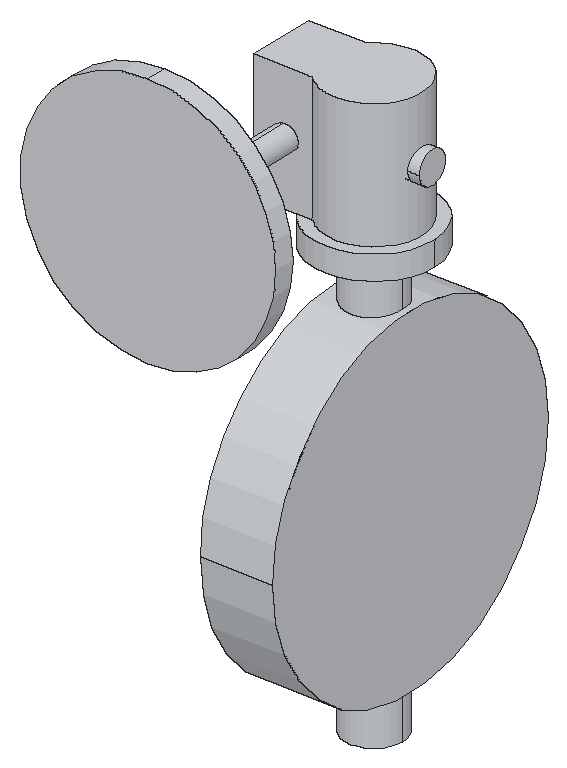
Revit family "HS497-67_disk-litina-převodové kolo DN450-RFA_2019", category Pipe Accessories, Revit 2019
Family settings
  Round Connector Dimension = Use Diameter
  Part Type = Valve - Breaks Into
  Work Plane-Based = No
  Always vertical = Yes
  Cut with Voids When Loaded = No
  Shared = No
Parameters (values of type "HS 497-67_DN450_PN10_převodové kolo")
  magiProductId = "cdf2d80f54a9414f9cbe50647c0ebd"
  magiProductFamilyId = "53cea81e6f374d17b8841d9c72ad77"
  magiPartTypeId = 305
  isMeasuringValve [instance] = no
  ang2D [instance] = 0.00°
  X11 = 129.74 mm
  X1 = 53.74 mm
  W2D = 1000 mm
  VersionID = "2.0/2017.9.26.1/ZETKAMA_497_001"
  Use Minimum Symbol Size [instance] = yes
  URL = "http://www.hydronic.cz"
  Type Comments = "mezipřírubová; litinový disk; PN10; -10~+110°C (krátkodobě +120°C)"
  SW30 = yes
  SW3 = yes
  SW21 = no
  SW20 = no
  SW2 = no
  SW1 = no
  R = 225 mm
  QmdConnectorList = "301;D;302;D"
  Productdata [instance] = ""
  NC = 91.5 mm
  Model = ""
  Manufacturer = "Hydronic Systems Prague s.r.o."
  MM20 = 53.74 mm
  MC Product Code = "125 450 (litinový disk, s převodovým kolem; DN450; PN10, kvs18514)"
  M41 = 144.75 mm
  M4 = 96.5 mm
  LHL = 220 mm
  LHH3 = 2.45 mm
  LHH1 = 46.55 mm
  LH1 = 73.333 mm
  L4R__ve = -L4R  # -32.1 mm
  L4R = 32.1 mm
  L42__ve = -L42  # -240.75 mm
  L42 = 240.75 mm
  L41__ve = -L41  # -48.15 mm
  L41 = 48.15 mm
  L2D_Min = 3048 mm
  L2D = 216 mm
  L2 = 57 mm
  L1 = 91.2 mm
  L = 114 mm
  H = 38 mm
  G22 = 11.25 mm
  G2 = 22.5 mm
  G1 = 90 mm
  G = 190 mm
  F = 36 mm
  E44 = 100 mm
  E42 = 200 mm
  E4 = 400 mm
  E23 = 4.9 mm
  E22 = 19.6 mm
  E21 = 9.8 mm
  Description = "Mezipřírubová uzavírací klapka s převodovým kolem; litinový disk, DN450; PN10; kvs18514"
  DR2 = 225 mm
  DR = 536 mm
  DD1 = 50 mm
  DD = 40 mm
  D = 450 mm
  CAT0 = yes
  B2__ve = -B2  # -115 mm
  B2 = 115 mm
  A2 = 38.05 mm
  A1 = 117.45 mm
Types (43, lengths in mm): name | magiProductId | X11 | X1 | Type Comments | SW30 | SW3 | SW20 | SW2 | SW1 | R | NC | MM20 | MC Product Code | M41 | M4 | LHL | LHH3 | LHH1 | LH1 | L4R__ve | L4R | L42__ve | L42 | L41__ve | L41 | L2 | L1 | L | H | G | F | E44 | E42 | E4 | E23 | E22 | E21 | Description | DR2 | DR | DD1 | DD | D | B2__ve | B2 | A2 | A1
  HS 497-67_DN100_PN16_volné vřeteno | "65d1b245f4f142c78569c0602d5754" | 61.456 | 25.456 | "mezipřírubová; litinový disk; PN16; -10~+110°C (krátkodobě +120°C)" | no | no | no | no | yes | 50 | 50 | 25.456 | "123 100 (litinový disk, s volným vřetenem; DN100; PN16, kvs512)" | 66 | 44 | 220 | 2.45 | 46.55 | 73.333 | -12.8 | 12.8 | -96 | 96 | -19.2 | 19.2 | 26 | 41.6 | 52 | 30 | 90 | 11 | 31.25 | 62.5 | 125 | 4.9 | 19.6 | 9.8 | "Mezipřírubová uzavírací klapka s volným vřetenem; litinový disk, DN100; PN16; kvs512" | 50 | 147 | 15.625 | 12.5 | 100 | -56 | 56 | 16.5 | 98.5
  HS 497-67_DN100_PN16_převodové kolo | "11e91b807e674d428c8e796fcdcfe2" | 61.456 | 25.456 | "mezipřírubová; litinový disk; PN16; -10~+110°C (krátkodobě +120°C)" | yes | yes | no | no | no | 50 | 50 | 25.456 | "125 100 (litinový disk, s převodovým kolem; DN100; PN16, kvs512)" | 65.25 | 43.5 | 220 | 2.45 | 46.55 | 73.333 | -12.8 | 12.8 | -96 | 96 | -19.2 | 19.2 | 26 | 41.6 | 52 | 30 | 90 | 11 | 31.25 | 62.5 | 125 | 4.9 | 19.6 | 9.8 | "Mezipřírubová uzavírací klapka s převodovým kolem; litinový disk, DN100; PN16; kvs512" | 50 | 147 | 15.625 | 12.5 | 100 | -56 | 56 | 16.5 | 98.5
  HS 497-67_DN100_PN16_s pákou | "28172f0b3f4b47b28323ac71cf8749" | 61.456 | 25.456 | "mezipřírubová; litinový disk; PN16; -10~+110°C (krátkodobě +120°C)" | no | no | yes | yes | no | 50 | 50 | 25.456 | "120 100 (litinový disk, s pákou; DN100; PN16, kvs512)" | 66 | 44 | 260 | 3 | 57 | 86.667 | -12.8 | 12.8 | -96 | 96 | -19.2 | 19.2 | 26 | 41.6 | 52 | 30 | 90 | 11 | 31.25 | 62.5 | 125 | 6 | 24 | 12 | "Mezipřírubová uzavírací klapka s pákou; litinový disk, DN100; PN16; kvs512" | 50 | 147 | 15.625 | 12.5 | 100 | -56 | 56 | 16.5 | 98.5
  HS 497-67_DN125_PN16_volné vřeteno | "0d813d910fc14f628bb3c2efbd185c" | 61.456 | 25.456 | "mezipřírubová; litinový disk; PN16; -10~+110°C (krátkodobě +120°C)" | no | no | no | no | yes | 62.5 | 50 | 25.456 | "123 125 (litinový disk, s volným vřetenem; DN125; PN16, kvs872)" | 66 | 44 | 220 | 2.45 | 46.55 | 73.333 | -12.8 | 12.8 | -96 | 96 | -19.2 | 19.2 | 28 | 44.8 | 56 | 33 | 90 | 14 | 31.25 | 62.5 | 125 | 4.9 | 19.6 | 9.8 | "Mezipřírubová uzavírací klapka s volným vřetenem; litinový disk, DN125; PN16; kvs872" | 62.5 | 180 | 15.625 | 12.5 | 125 | -64 | 64 | 18 | 99.5
  HS 497-67_DN125_PN16_převodové kolo | "c56b7c13f372467684996fb1e0e229" | 61.456 | 25.456 | "mezipřírubová; litinový disk; PN16; -10~+110°C (krátkodobě +120°C)" | yes | yes | no | no | no | 62.5 | 50 | 25.456 | "125 125 (litinový disk, s převodovým kolem; DN125; PN16, kvs872)" | 65.25 | 43.5 | 220 | 2.45 | 46.55 | 73.333 | -13.5 | 13.5 | -101.25 | 101.25 | -20.25 | 20.25 | 28 | 44.8 | 56 | 33 | 90 | 14 | 40 | 80 | 160 | 4.9 | 19.6 | 9.8 | "Mezipřírubová uzavírací klapka s převodovým kolem; litinový disk, DN125; PN16; kvs872" | 62.5 | 180 | 20 | 16 | 125 | -64 | 64 | 18 | 99.5
  HS 497-67_DN125_PN16_s pákou | "105993c79a91492399feef7931321a" | 61.456 | 25.456 | "mezipřírubová; litinový disk; PN16; -10~+110°C (krátkodobě +120°C)" | no | no | yes | yes | no | 62.5 | 50 | 25.456 | "120 125 (litinový disk, s pákou; DN125; PN16, kvs872)" | 66 | 44 | 315 | 3.75 | 71.25 | 105 | -12.8 | 12.8 | -96 | 96 | -19.2 | 19.2 | 28 | 44.8 | 56 | 33 | 90 | 14 | 31.25 | 62.5 | 125 | 7.5 | 30 | 15 | "Mezipřírubová uzavírací klapka s pákou; litinový disk, DN125; PN16; kvs872" | 62.5 | 180 | 15.625 | 12.5 | 125 | -64 | 64 | 18 | 99.5
  HS 497-67_DN150_PN16_volné vřeteno | "50c80cb8ab434f55ab7796e5ac1331" | 61.456 | 25.456 | "mezipřírubová; litinový disk; PN16; -10~+110°C (krátkodobě +120°C)" | no | no | no | no | yes | 75 | 50 | 25.456 | "123 150 (litinový disk, s volným vřetenem; DN150; PN16, kvs1347)" | 66 | 44 | 220 | 2.45 | 46.55 | 73.333 | -12.8 | 12.8 | -96 | 96 | -19.2 | 19.2 | 28 | 44.8 | 56 | 33 | 90 | 14 | 31.25 | 62.5 | 125 | 4.9 | 19.6 | 9.8 | "Mezipřírubová uzavírací klapka s volným vřetenem; litinový disk, DN150; PN16; kvs1347" | 75 | 206 | 15.625 | 12.5 | 150 | -58 | 58 | 19.3 | 98.7
  HS 497-67_DN150_PN16_převodové kolo | "d94a1a0cf83b476eb10011b327f709" | 61.456 | 25.456 | "mezipřírubová; litinový disk; PN16; -10~+110°C (krátkodobě +120°C)" | yes | yes | no | no | no | 75 | 50 | 25.456 | "125 150 (litinový disk, s převodovým kolem; DN150; PN16, kvs1347)" | 65.25 | 43.5 | 220 | 2.45 | 46.55 | 73.333 | -13.5 | 13.5 | -101.25 | 101.25 | -20.25 | 20.25 | 28 | 44.8 | 56 | 33 | 90 | 14 | 40 | 80 | 160 | 4.9 | 19.6 | 9.8 | "Mezipřírubová uzavírací klapka s převodovým kolem; litinový disk, DN150; PN16; kvs1347" | 75 | 206 | 20 | 16 | 150 | -58 | 58 | 19.3 | 98.7
  HS 497-67_DN150_PN16_s pákou | "4d2835523fe84828bc50ff0a5a0dfb" | 61.456 | 25.456 | "mezipřírubová; litinový disk; PN16; -10~+110°C (krátkodobě +120°C)" | no | no | yes | yes | no | 75 | 50 | 25.456 | "120 150 (litinový disk, s pákou; DN150; PN16, kvs1347)" | 66 | 44 | 315 | 3.75 | 71.25 | 105 | -12.8 | 12.8 | -96 | 96 | -19.2 | 19.2 | 28 | 44.8 | 56 | 33 | 90 | 14 | 31.25 | 62.5 | 125 | 7.5 | 30 | 15 | "Mezipřírubová uzavírací klapka s pákou; litinový disk, DN150; PN16; kvs1347" | 75 | 206 | 15.625 | 12.5 | 150 | -58 | 58 | 19.3 | 98.7
  HS 497-67_DN200_PN16_volné vřeteno | "5b29029eaeba47139ee1055a4b9201" | 61.456 | 25.456 | "mezipřírubová; litinový disk; PN16; -10~+110°C (krátkodobě +120°C)" | no | no | no | no | yes | 100 | 50 | 25.456 | "123 200 (litinový disk, s volným vřetenem; DN200; PN16, kvs2675)" | 66 | 44 | 220 | 2.45 | 46.55 | 73.333 | -12.8 | 12.8 | -96 | 96 | -19.2 | 19.2 | 30 | 48 | 60 | 33 | 90 | 17 | 31.25 | 62.5 | 125 | 4.9 | 19.6 | 9.8 | "Mezipřírubová uzavírací klapka s volným vřetenem; litinový disk, DN200; PN16; kvs2675" | 100 | 257 | 15.625 | 12.5 | 200 | -70 | 70 | 22.5 | 102.5
  HS 497-67_DN200_PN16_převodové kolo | "b2793cc1fcc44cf2a35062cd67c04f" | 61.456 | 25.456 | "mezipřírubová; litinový disk; PN16; -10~+110°C (krátkodobě +120°C)" | yes | yes | no | no | no | 100 | 57 | 25.456 | "125 200 (litinový disk, s převodovým kolem; DN200; PN16, kvs2675)" | 78.75 | 52.5 | 220 | 2.45 | 46.55 | 73.333 | -15.2 | 15.2 | -114 | 114 | -22.8 | 22.8 | 30 | 48 | 60 | 33 | 90 | 17 | 50 | 100 | 200 | 4.9 | 19.6 | 9.8 | "Mezipřírubová uzavírací klapka s převodovým kolem; litinový disk, DN200; PN16; kvs2675" | 100 | 257 | 25 | 20 | 200 | -70 | 70 | 22.5 | 102.5
  HS 497-67_DN200_PN16_s pákou | "f88d96c7af224537a51e72d7d8fffe" | 61.456 | 25.456 | "mezipřírubová; litinový disk; PN16; -10~+110°C (krátkodobě +120°C)" | no | no | yes | yes | no | 100 | 50 | 25.456 | "120 200 (litinový disk, s pákou; DN200; PN16, kvs2675)" | 66 | 44 | 315 | 3.75 | 71.25 | 105 | -12.8 | 12.8 | -96 | 96 | -19.2 | 19.2 | 30 | 48 | 60 | 33 | 90 | 17 | 31.25 | 62.5 | 125 | 7.5 | 30 | 15 | "Mezipřírubová uzavírací klapka s pákou; litinový disk, DN200; PN16; kvs2675" | 100 | 257 | 15.625 | 12.5 | 200 | -70 | 70 | 22.5 | 102.5
  HS 497-67_DN250_PN16_volné vřeteno | "b662e8305ca2402b9c510e66e6aa55" | 88.77 | 36.77 | "mezipřírubová; litinový disk; PN16; -10~+110°C (krátkodobě +120°C)" | no | no | no | no | yes | 125 | 50 | 36.77 | "123 250 (litinový disk, s volným vřetenem; DN250; PN16, kvs4555)" | 66 | 44 | 220 | 2.45 | 46.55 | 73.333 | -12.8 | 12.8 | -96 | 96 | -19.2 | 19.2 | 34 | 54.4 | 68 | 23 | 130 | 22 | 31.25 | 62.5 | 125 | 4.9 | 19.6 | 9.8 | "Mezipřírubová uzavírací klapka s volným vřetenem; litinový disk, DN250; PN16; kvs4555" | 125 | 324 | 15.625 | 12.5 | 250 | -85 | 85 | 28.25 | 129.25
  HS 497-67_DN250_PN16_převodové kolo | "5ee9016806664ddfaa2632711f295c" | 88.77 | 36.77 | "mezipřírubová; litinový disk; PN16; -10~+110°C (krátkodobě +120°C)" | yes | yes | no | no | no | 125 | 70 | 36.77 | "125 250 (litinový disk, s převodovým kolem; DN250; PN16, kvs4555)" | 91.5 | 61 | 220 | 2.45 | 46.55 | 73.333 | -22.2 | 22.2 | -166.5 | 166.5 | -33.3 | 33.3 | 34 | 54.4 | 68 | 23 | 130 | 22 | 62.5 | 125 | 250 | 4.9 | 19.6 | 9.8 | "Mezipřírubová uzavírací klapka s převodovým kolem; litinový disk, DN250; PN16; kvs4555" | 125 | 324 | 31.25 | 25 | 250 | -85 | 85 | 28.25 | 129.25
  HS 497-67_DN300_PN16_volné vřeteno | "e1886f51ff004380a649519258edf2" | 88.77 | 36.77 | "mezipřírubová; litinový disk; PN16; -10~+110°C (krátkodobě +120°C)" | no | no | no | no | yes | 150 | 50 | 36.77 | "123 300 (litinový disk, s volným vřetenem; DN300; PN16, kvs7037)" | 66 | 44 | 220 | 2.45 | 46.55 | 73.333 | -12.8 | 12.8 | -96 | 96 | -19.2 | 19.2 | 39 | 62.4 | 78 | 23 | 130 | 22 | 31.25 | 62.5 | 125 | 4.9 | 19.6 | 9.8 | "Mezipřírubová uzavírací klapka s volným vřetenem; litinový disk, DN300; PN16; kvs7037" | 150 | 376 | 15.625 | 12.5 | 300 | -90 | 90 | 30.8 | 127.2
  HS 497-67_DN300_PN16_převodové kolo | "6860f094f77d42088fbebc3c97f755" | 88.77 | 36.77 | "mezipřírubová; litinový disk; PN16; -10~+110°C (krátkodobě +120°C)" | yes | yes | no | no | no | 150 | 70 | 36.77 | "125 300 (litinový disk, s převodovým kolem; DN300; PN16, kvs7037)" | 91.5 | 61 | 220 | 2.45 | 46.55 | 73.333 | -22.2 | 22.2 | -166.5 | 166.5 | -33.3 | 33.3 | 39 | 62.4 | 78 | 23 | 130 | 22 | 62.5 | 125 | 250 | 4.9 | 19.6 | 9.8 | "Mezipřírubová uzavírací klapka s převodovým kolem; litinový disk, DN300; PN16; kvs7037" | 150 | 376 | 31.25 | 25 | 300 | -90 | 90 | 30.8 | 127.2
  HS 497-67_DN032_PN16_volné vřeteno | "8c5f65de52aa4067a77564107e31b2" | 61.456 | 25.456 | "mezipřírubová; litinový disk; PN16; -10~+110°C (krátkodobě +120°C)" | no | no | no | no | yes | 16 | 50 | 25.456 | "123 032 (litinový disk, s volným vřetenem; DN32; PN16, kvs78)" | 66 | 44 | 220 | 2.45 | 46.55 | 73.333 | -12.8 | 12.8 | -96 | 96 | -19.2 | 19.2 | 16.5 | 26.4 | 33 | 30 | 90 | 11 | 31.25 | 62.5 | 125 | 4.9 | 19.6 | 9.8 | "Mezipřírubová uzavírací klapka s volným vřetenem; litinový disk, DN32; PN16; kvs78" | 16 | 68 | 15.625 | 12.5 | 32 | -44.2 | 44.2 | 10.25 | 76.25
  HS 497-67_DN032_PN16_převodové kolo | "60aaeffa8b3a4e809ef000e4660060" | 61.456 | 25.456 | "mezipřírubová; litinový disk; PN16; -10~+110°C (krátkodobě +120°C)" | yes | yes | no | no | no | 16 | 50 | 25.456 | "125 032 (litinový disk, s převodovým kolem; DN32; PN16, kvs78)" | 65.25 | 43.5 | 220 | 2.45 | 46.55 | 73.333 | -12.8 | 12.8 | -96 | 96 | -19.2 | 19.2 | 16.5 | 26.4 | 33 | 30 | 90 | 11 | 31.25 | 62.5 | 125 | 4.9 | 19.6 | 9.8 | "Mezipřírubová uzavírací klapka s převodovým kolem; litinový disk, DN32; PN16; kvs78" | 16 | 68 | 15.625 | 12.5 | 32 | -44.2 | 44.2 | 10.25 | 76.25
  HS 497-67_DN032_PN16_s pákou | "9ad8088d610749a1b871aa2aad8007" | 61.456 | 25.456 | "mezipřírubová; litinový disk; PN16; -10~+110°C (krátkodobě +120°C)" | no | no | yes | yes | no | 16 | 50 | 25.456 | "120 032 (litinový disk, s pákou; DN32; PN16, kvs78)" | 66 | 44 | 220 | 2.45 | 46.55 | 73.333 | -12.8 | 12.8 | -96 | 96 | -19.2 | 19.2 | 16.5 | 26.4 | 33 | 30 | 90 | 11 | 31.25 | 62.5 | 125 | 4.9 | 19.6 | 9.8 | "Mezipřírubová uzavírací klapka s pákou; litinový disk, DN32; PN16; kvs78" | 16 | 68 | 15.625 | 12.5 | 32 | -44.2 | 44.2 | 10.25 | 76.25
  HS 497-67_DN350_PN10_volné vřeteno | "72a1e05f22944421b7e9596a877137" | 109.255 | 45.255 | "mezipřírubová; litinový disk; PN10; -10~+110°C (krátkodobě +120°C)" | no | no | no | no | yes | 175 | 50 | 45.255 | "123 350 (litinový disk, s volným vřetenem; DN350; PN10, kvs10165)" | 66 | 44 | 220 | 2.45 | 46.55 | 73.333 | -12.8 | 12.8 | -96 | 96 | -19.2 | 19.2 | 39 | 62.4 | 78 | 31 | 160 | 22 | 31.25 | 62.5 | 125 | 4.9 | 19.6 | 9.8 | "Mezipřírubová uzavírací klapka s volným vřetenem; litinový disk, DN350; PN10; kvs10165" | 175 | 430 | 15.625 | 12.5 | 350 | -88 | 88 | 33.85 | 129.65
  HS 497-67_DN350_PN10_převodové kolo | "a5a01426cb28494ba3afca92f1dace" | 109.255 | 45.255 | "mezipřírubová; litinový disk; PN10; -10~+110°C (krátkodobě +120°C)" | yes | yes | no | no | no | 175 | 70 | 45.255 | "125 350 (litinový disk, s převodovým kolem; DN350; PN10, kvs10165)" | 91.5 | 61 | 220 | 2.45 | 46.55 | 73.333 | -22.2 | 22.2 | -166.5 | 166.5 | -33.3 | 33.3 | 39 | 62.4 | 78 | 31 | 160 | 22 | 62.5 | 125 | 250 | 4.9 | 19.6 | 9.8 | "Mezipřírubová uzavírací klapka s převodovým kolem; litinový disk, DN350; PN10; kvs10165" | 175 | 430 | 31.25 | 25 | 350 | -88 | 88 | 33.85 | 129.65
  HS 497-67_DN400_PN10_volné vřeteno | "c70ebeb927c04ab99b176e257ad0a7" | 109.255 | 45.255 | "mezipřírubová; litinový disk; PN10; -10~+110°C (krátkodobě +120°C)" | no | no | no | no | yes | 200 | 50 | 45.255 | "123 400 (litinový disk, s volným vřetenem; DN400; PN10, kvs13799)" | 66 | 44 | 220 | 2.45 | 46.55 | 73.333 | -12.8 | 12.8 | -96 | 96 | -19.2 | 19.2 | 51 | 81.6 | 102 | 31 | 160 | 27 | 31.25 | 62.5 | 125 | 4.9 | 19.6 | 9.8 | "Mezipřírubová uzavírací klapka s volným vřetenem; litinový disk, DN400; PN10; kvs13799" | 200 | 485 | 15.625 | 12.5 | 400 | -108 | 108 | 38 | 142
  HS 497-67_DN400_PN10_převodové kolo | "cc64a4384dcb41b780d81810f4f293" | 109.255 | 45.255 | "mezipřírubová; litinový disk; PN10; -10~+110°C (krátkodobě +120°C)" | yes | yes | no | no | no | 200 | 72.5 | 45.255 | "125 400 (litinový disk, s převodovým kolem; DN400; PN10, kvs13799)" | 103.5 | 69 | 220 | 2.45 | 46.55 | 73.333 | -27.8 | 27.8 | -208.5 | 208.5 | -41.7 | 41.7 | 51 | 81.6 | 102 | 31 | 160 | 27 | 75 | 150 | 300 | 4.9 | 19.6 | 9.8 | "Mezipřírubová uzavírací klapka s převodovým kolem; litinový disk, DN400; PN10; kvs13799" | 200 | 485 | 37.5 | 30 | 400 | -108 | 108 | 38 | 142
  HS 497-67_DN040_PN16_volné vřeteno | "35f92312390745e88df5b5c325d9ee" | 61.456 | 25.456 | "mezipřírubová; litinový disk; PN16; -10~+110°C (krátkodobě +120°C)" | no | no | no | no | yes | 20 | 50 | 25.456 | "123 040 (litinový disk, s volným vřetenem; DN40; PN16, kvs78)" | 66 | 44 | 220 | 2.45 | 46.55 | 73.333 | -12.8 | 12.8 | -96 | 96 | -19.2 | 19.2 | 16.5 | 26.4 | 33 | 30 | 90 | 11 | 31.25 | 62.5 | 125 | 4.9 | 19.6 | 9.8 | "Mezipřírubová uzavírací klapka s volným vřetenem; litinový disk, DN40; PN16; kvs78" | 20 | 76 | 15.625 | 12.5 | 40 | -36 | 36 | 11 | 79
  HS 497-67_DN040_PN16_převodové kolo | "d88e968eae3445bc9b7b4e6ff35127" | 61.456 | 25.456 | "mezipřírubová; litinový disk; PN16; -10~+110°C (krátkodobě +120°C)" | yes | yes | no | no | no | 20 | 50 | 25.456 | "125 040 (litinový disk, s převodovým kolem; DN40; PN16, kvs78)" | 65.25 | 43.5 | 220 | 2.45 | 46.55 | 73.333 | -12.8 | 12.8 | -96 | 96 | -19.2 | 19.2 | 16.5 | 26.4 | 33 | 30 | 90 | 11 | 31.25 | 62.5 | 125 | 4.9 | 19.6 | 9.8 | "Mezipřírubová uzavírací klapka s převodovým kolem; litinový disk, DN40; PN16; kvs78" | 20 | 76 | 15.625 | 12.5 | 40 | -36 | 36 | 11 | 79
  HS 497-67_DN040_PN16_s pákou | "c1b522ca65b4407a98818f232eaacb" | 61.456 | 25.456 | "mezipřírubová; litinový disk; PN16; -10~+110°C (krátkodobě +120°C)" | no | no | yes | yes | no | 20 | 50 | 25.456 | "120 040 (litinový disk, s pákou; DN40; PN16, kvs78)" | 66 | 44 | 220 | 2.45 | 46.55 | 73.333 | -12.8 | 12.8 | -96 | 96 | -19.2 | 19.2 | 16.5 | 26.4 | 33 | 30 | 90 | 11 | 31.25 | 62.5 | 125 | 4.9 | 19.6 | 9.8 | "Mezipřírubová uzavírací klapka s pákou; litinový disk, DN40; PN16; kvs78" | 20 | 76 | 15.625 | 12.5 | 40 | -36 | 36 | 11 | 79
  HS 497-67_DN450_PN10_volné vřeteno | "a8358bc282f14872b3194e530e590a" | 129.74 | 53.74 | "mezipřírubová; litinový disk; PN10; -10~+110°C (krátkodobě +120°C)" | no | no | no | no | yes | 225 | 50 | 53.74 | "123 450 (litinový disk, s volným vřetenem; DN450; PN10, kvs18514)" | 66 | 44 | 220 | 2.45 | 46.55 | 73.333 | -12.8 | 12.8 | -96 | 96 | -19.2 | 19.2 | 57 | 91.2 | 114 | 38 | 190 | 36 | 31.25 | 62.5 | 125 | 4.9 | 19.6 | 9.8 | "Mezipřírubová uzavírací klapka s volným vřetenem; litinový disk, DN450; PN10; kvs18514" | 225 | 536 | 15.625 | 12.5 | 450 | -115 | 115 | 38.05 | 117.45
  HS 497-67_DN450_PN10_převodové kolo | "cdf2d80f54a9414f9cbe50647c0ebd" | 129.74 | 53.74 | "mezipřírubová; litinový disk; PN10; -10~+110°C (krátkodobě +120°C)" | yes | yes | no | no | no | 225 | 91.5 | 53.74 | "125 450 (litinový disk, s převodovým kolem; DN450; PN10, kvs18514)" | 144.75 | 96.5 | 220 | 2.45 | 46.55 | 73.333 | -32.1 | 32.1 | -240.75 | 240.75 | -48.15 | 48.15 | 57 | 91.2 | 114 | 38 | 190 | 36 | 100 | 200 | 400 | 4.9 | 19.6 | 9.8 | "Mezipřírubová uzavírací klapka s převodovým kolem; litinový disk, DN450; PN10; kvs18514" | 225 | 536 | 50 | 40 | 450 | -115 | 115 | 38.05 | 117.45
  HS 497-67_DN500_PN10_volné vřeteno | "8c396e27bb2743f98f3c762b6517cd" | 143.397 | 59.397 | "mezipřírubová; litinový disk; PN10; -10~+110°C (krátkodobě +120°C)" | no | no | no | no | yes | 250 | 50 | 59.397 | "123 500 (litinový disk, s volným vřetenem; DN500; PN10, kvs23805)" | 66 | 44 | 220 | 2.45 | 46.55 | 73.333 | -12.8 | 12.8 | -96 | 96 | -19.2 | 19.2 | 63.5 | 101.6 | 127 | 38 | 210 | 36 | 31.25 | 62.5 | 125 | 4.9 | 19.6 | 9.8 | "Mezipřírubová uzavírací klapka s volným vřetenem; litinový disk, DN500; PN10; kvs23805" | 250 | 593 | 15.625 | 12.5 | 500 | -130 | 130 | 43.25 | 139.25
  HS 497-67_DN500_PN10_převodové kolo | "7647804f32e94cef828a7034a91a46" | 143.397 | 59.397 | "mezipřírubová; litinový disk; PN10; -10~+110°C (krátkodobě +120°C)" | yes | yes | no | no | no | 250 | 91.5 | 59.397 | "125 500 (litinový disk, s převodovým kolem; DN500; PN10, kvs23805)" | 144.75 | 96.5 | 220 | 2.45 | 46.55 | 73.333 | -32.1 | 32.1 | -240.75 | 240.75 | -48.15 | 48.15 | 63.5 | 101.6 | 127 | 38 | 210 | 36 | 100 | 200 | 400 | 4.9 | 19.6 | 9.8 | "Mezipřírubová uzavírací klapka s převodovým kolem; litinový disk, DN500; PN10; kvs23805" | 250 | 593 | 50 | 40 | 500 | -130 | 130 | 43.25 | 139.25
  HS 497-67_DN050_volné vřeteno | "d71f296ecd6d4adf8f6e5d9853b4e0" | 61.456 | 25.456 | "mezipřírubová; litinový disk; PN16; -10~+110°C (krátkodobě +120°C)" | no | no | no | no | yes | 25 | 50 | 25.456 | "123 050 (litinový disk, s volným vřetenem; DN50; PN16, kvs98)" | 66 | 44 | 220 | 2.45 | 46.55 | 73.333 | -12.8 | 12.8 | -96 | 96 | -19.2 | 19.2 | 21.5 | 34.4 | 43 | 30 | 90 | 11 | 31.25 | 62.5 | 125 | 4.9 | 19.6 | 9.8 | "Mezipřírubová uzavírací klapka s volným vřetenem; litinový disk, DN50; PN16; kvs98" | 25 | 100 | 15.625 | 12.5 | 50 | -36.5 | 36.5 | 12 | 83
  HS 497-67_DN050_PN16_převodové kolo | "2fb080deeaed49c58418b94c1da5a4" | 61.456 | 25.456 | "mezipřírubová; litinový disk; PN16; -10~+110°C (krátkodobě +120°C)" | yes | yes | no | no | no | 25 | 50 | 25.456 | "125 050 (litinový disk, s převodovým kolem; DN50; PN16, kvs98)" | 65.25 | 43.5 | 220 | 2.45 | 46.55 | 73.333 | -12.8 | 12.8 | -96 | 96 | -19.2 | 19.2 | 21.5 | 34.4 | 43 | 30 | 90 | 11 | 31.25 | 62.5 | 125 | 4.9 | 19.6 | 9.8 | "Mezipřírubová uzavírací klapka s převodovým kolem; litinový disk, DN50; PN16; kvs98" | 25 | 100 | 15.625 | 12.5 | 50 | -36.5 | 36.5 | 12 | 83
  HS 497-67_DN050_PN16_s pákou | "dabc632061f94877a994b9b4e68112" | 61.456 | 25.456 | "mezipřírubová; litinový disk; PN16; -10~+110°C (krátkodobě +120°C)" | no | no | yes | yes | no | 25 | 50 | 25.456 | "120 050 (litinový disk, s pákou; DN50; PN16, kvs98)" | 66 | 44 | 220 | 2.45 | 46.55 | 73.333 | -12.8 | 12.8 | -96 | 96 | -19.2 | 19.2 | 21.5 | 34.4 | 43 | 30 | 90 | 11 | 31.25 | 62.5 | 125 | 4.9 | 19.6 | 9.8 | "Mezipřírubová uzavírací klapka s pákou; litinový disk, DN50; PN16; kvs98" | 25 | 100 | 15.625 | 12.5 | 50 | -36.5 | 36.5 | 12 | 83
  HS 497-67_DN600_PN10_volné vřeteno | "99d5892c14664fce81a7c5903f7711" | 143.397 | 59.397 | "mezipřírubová; litinový disk; PN10; -10~+110°C (krátkodobě +120°C)" | no | no | no | no | yes | 300 | 50 | 59.397 | "123 600 (litinový disk, s volným vřetenem; DN600; PN10, kvs36778)" | 66 | 44 | 220 | 2.45 | 46.55 | 73.333 | -12.8 | 12.8 | -96 | 96 | -19.2 | 19.2 | 77 | 123.2 | 154 | 80 | 210 | 60 | 31.25 | 62.5 | 125 | 4.9 | 19.6 | 9.8 | "Mezipřírubová uzavírací klapka s volným vřetenem; litinový disk, DN600; PN10; kvs36788" | 300 | 690 | 15.625 | 12.5 | 600 | -140 | 140 | 49.4 | 144.6
  HS 497-67_DN600_PN10_převodové kolo | "b1e26faab48a4c499f6bb11e7e3002" | 143.397 | 59.397 | "mezipřírubová; litinový disk; PN10; -10~+110°C (krátkodobě +120°C)" | yes | yes | no | no | no | 300 | 140 | 59.397 | "125 600 (litinový disk, s převodovým kolem; DN600; PN10, kvs36778)" | 206.25 | 137.5 | 220 | 2.45 | 46.55 | 73.333 | -40.8 | 40.8 | -306 | 306 | -61.2 | 61.2 | 77 | 123.2 | 154 | 80 | 210 | 60 | 125 | 250 | 500 | 4.9 | 19.6 | 9.8 | "Mezipřírubová uzavírací klapka s převodovým kolem; litinový disk, DN600; PN10; kvs36788" | 300 | 690 | 62.5 | 50 | 600 | -140 | 140 | 49.4 | 144.6
  HS 497-67_DN065_PN16_volné vřeteno | "5e5e208646e34ec29f889baab5d08e" | 61.456 | 25.456 | "mezipřírubová; litinový disk; PN16; -10~+110°C (krátkodobě +120°C)" | no | no | no | no | yes | 32.5 | 50 | 25.456 | "123 065 (litinový disk, s volným vřetenem; DN65; PN16, kvs167)" | 66 | 44 | 220 | 2.45 | 46.55 | 73.333 | -12.8 | 12.8 | -96 | 96 | -19.2 | 19.2 | 23 | 36.8 | 46 | 30 | 90 | 11 | 31.25 | 62.5 | 125 | 4.9 | 19.6 | 9.8 | "Mezipřírubová uzavírací klapka s volným vřetenem; litinový disk, DN65; PN16; kv167" | 32.5 | 108 | 15.625 | 12.5 | 65 | -36.5 | 36.5 | 13.5 | 89
  HS 497-67_DN065_PN16_převodové kolo | "654d74c8d15540b0bfe523d988ccb3" | 61.456 | 25.456 | "mezipřírubová; litinový disk; PN16; -10~+110°C (krátkodobě +120°C)" | yes | yes | no | no | no | 32.5 | 50 | 25.456 | "125 065 (litinový disk, s převodovým kolem; DN65; PN16, kvs167)" | 65.25 | 43.5 | 220 | 2.45 | 46.55 | 73.333 | -12.8 | 12.8 | -96 | 96 | -19.2 | 19.2 | 23 | 36.8 | 46 | 30 | 90 | 11 | 31.25 | 62.5 | 125 | 4.9 | 19.6 | 9.8 | "Mezipřírubová uzavírací klapka s převodovým kolem; litinový disk, DN65; PN16; kvs167" | 32.5 | 108 | 15.625 | 12.5 | 65 | -36.5 | 36.5 | 13.5 | 89
  HS 497-67_DN065_PN16_s pákou | "ebeb4b59db0641caaf6d6635ab37b9" | 61.456 | 25.456 | "mezipřírubová; litinový disk; PN16; -10~+110°C (krátkodobě +120°C)" | no | no | yes | yes | no | 32.5 | 50 | 25.456 | "120 065 (litinový disk, s pákou; DN65; PN16, kvs167)" | 66 | 44 | 220 | 2.45 | 46.55 | 73.333 | -12.8 | 12.8 | -96 | 96 | -19.2 | 19.2 | 23 | 36.8 | 46 | 30 | 90 | 11 | 31.25 | 62.5 | 125 | 4.9 | 19.6 | 9.8 | "Mezipřírubová uzavírací klapka s pákou; litinový disk, DN65; PN16; kvs167" | 32.5 | 108 | 15.625 | 12.5 | 65 | -36.5 | 36.5 | 13.5 | 89
  HS 497-67_DN080_PN16_volné vřeteno | "9e85c75c18654e1185a9c48ed6b00e" | 61.456 | 25.456 | "mezipřírubová; litinový disk; PN16; -10~+110°C (krátkodobě +120°C)" | no | no | no | no | yes | 40 | 50 | 25.456 | "123 080 (litinový disk, s volným vřetenem; DN80; PN16, kvs258)" | 66 | 44 | 220 | 2.45 | 46.55 | 73.333 | -12.8 | 12.8 | -96 | 96 | -19.2 | 19.2 | 23 | 36.8 | 46 | 30 | 90 | 11 | 31.25 | 62.5 | 125 | 4.9 | 19.6 | 9.8 | "Mezipřírubová uzavírací klapka s volným vřetenem; litinový disk, DN80; PN16; kvs258" | 40 | 124 | 15.625 | 12.5 | 80 | -54 | 54 | 14.1 | 86.9
  HS 497-67_DN080_PN16_převodové kolo | "5b3c8238c3d041e68c75b199e7ea46" | 61.456 | 25.456 | "mezipřírubová; litinový disk; PN16; -10~+110°C (krátkodobě +120°C)" | yes | yes | no | no | no | 40 | 50 | 25.456 | "125 080 (litinový disk, s převodovým kolem; DN80; PN16, kvs258)" | 65.25 | 43.5 | 220 | 2.45 | 46.55 | 73.333 | -12.8 | 12.8 | -96 | 96 | -19.2 | 19.2 | 23 | 36.8 | 46 | 30 | 90 | 11 | 31.25 | 62.5 | 125 | 4.9 | 19.6 | 9.8 | "Mezipřírubová uzavírací klapka s převodovým kolem; litinový disk, DN80; PN16; kvs258" | 40 | 124 | 15.625 | 12.5 | 80 | -54 | 54 | 14.1 | 86.9
  HS 497-67_DN080_PN16_s pákou | "e414795fab0f4eccb99bc3572c5477" | 61.456 | 25.456 | "mezipřírubová; litinový disk; PN16; -10~+110°C (krátkodobě +120°C)" | no | no | yes | yes | no | 40 | 50 | 25.456 | "120 080 (litinový disk, s pákou; DN80; PN16, kvs258)" | 66 | 44 | 260 | 3 | 57 | 86.667 | -12.8 | 12.8 | -96 | 96 | -19.2 | 19.2 | 23 | 36.8 | 46 | 30 | 90 | 11 | 31.25 | 62.5 | 125 | 6 | 24 | 12 | "Mezipřírubová uzavírací klapka s pákou; litinový disk, DN80; PN16; kvs258" | 40 | 124 | 15.625 | 12.5 | 80 | -54 | 54 | 14.1 | 86.9
  HS 497-67_DN250_PN16_s pákou | "" | 88.77 | 36.77 | "mezipřírubová; litinový disk; PN16; -10~+110°C (krátkodobě +120°C)" | no | no | yes | yes | no | 125 | 70 | 36.77 | "120 250 (litinový disk, s pákou; DN250; PN16, kvs4555)" | 91.5 | 61 | 220 | 2.45 | 46.55 | 73.333 | -22.2 | 22.2 | -166.5 | 166.5 | -33.3 | 33.3 | 34 | 54.4 | 68 | 23 | 130 | 22 | 62.5 | 125 | 250 | 4.9 | 19.6 | 9.8 | "Mezipřírubová uzavírací klapka s pákou; litinový disk, DN250; PN16; kvs4555" | 125 | 324 | 31.25 | 25 | 250 | -85 | 85 | 28.25 | 129.25
  HS 497-67_DN300_PN16_s pákou | "" | 88.77 | 36.77 | "mezipřírubová; litinový disk; PN16; -10~+110°C (krátkodobě +120°C)" | no | no | yes | yes | no | 150 | 70 | 36.77 | "120 300 (litinový disk, s pákou; DN300; PN16, kvs7037)" | 91.5 | 61 | 220 | 2.45 | 46.55 | 73.333 | -22.2 | 22.2 | -166.5 | 166.5 | -33.3 | 33.3 | 39 | 62.4 | 78 | 23 | 130 | 22 | 62.5 | 125 | 250 | 4.9 | 19.6 | 9.8 | "Mezipřírubová uzavírací klapka s pákou; litinový disk, DN300; PN16; kvs7037" | 150 | 376 | 31.25 | 25 | 300 | -90 | 90 | 30.8 | 127.2
Reference planes
  plane 1 "Center (Front/Back)": y = 0
  plane 2 "XYPLANE": z = 0
  plane 3 "Center (Left/Right)": x = 0
  plane 4 "473": x = -53.74
  plane 5 "472": x = -144.75
  plane 6 "471": y = -53.74
  plane 7 "470": y = 53.74
  plane 8 "469": x = -96.5
  plane 9 "468": y = -288.9
  plane 10 "467": y = -240.75
  plane 11 "466": z = 480.5
  plane 12 "465": z = 427.05
  plane 13 "464": y = 145.417
  plane 14 "463": z = 417.25
  plane 15 "462": z = 400.1
  plane 16 "461": z = 409.9
  plane 17 "460": y = 72.083
  plane 18 "459": x = -11.25
  plane 19 "458": x = 11.25
  plane 20 "457": y = -6.25
  plane 21 "456": x = -17.5
  plane 22 "455": x = 17.5
  plane 23 "454": z = 414.8
  plane 24 "453": y = 62.083
  plane 25 "452": y = -11.25
  plane 26 "451": x = -22.5
  plane 27 "450": x = 22.5
  plane 28 "449": z = 395.2
  plane 29 "448": z = 390.3
  plane 30 "447": z = -225
  plane 31 "446": z = 380.5
  plane 32 "445": z = 342.45
  plane 33 "444": z = 225
  plane 34 "443": x = 57
  plane 35 "442": x = -57
  plane 36 "441": z = 0
  plane 37 "440": y = 0
  plane 38 "439": x = 0
  plane 39 "438": z = 429.5
  plane 40 "437": z = 414.8
  plane 41 "436": x = 13.7
  plane 42 "435": x = -13.7
  plane 43 "434": y = 220
Forms (mm)
  Extrusion 1, solid, visible <- "SW3"
    sketch origin (-750, 0, 380.5) x (1, 0, 0) y (0, 1, 0)
      loop
        line (605.25, 53.74) -> (605.25, -53.74) -> (696.26, -53.74)
        arc (696.26, -53.74) -> (826, 0) -> (696.26, 53.74) r 76
        line (696.26, 53.74) -> (605.25, 53.74)
    from 0 to 200 <- "E42"
  Extrusion 2, solid, visible <- "SW30"
    sketch origin (0, -750, 0) x (0, 1, 0) y (0, 0, 1)
      loop
        circle (750, 480.5) r 25
    from 0 to 91.5 <- "NC"
  Extrusion 3, solid, visible <- "SW30"
    sketch origin (750, -288.9, 0) x (-1, 0, 0) y (0, 0, 1)
      loop
        circle (846.5, 480.5) r 200
    from 0 to -32.1 <- "L4R__ve"
  Extrusion 4, solid, visible <- "SW3"
    sketch origin (750, -240.75, 0) x (-1, 0, 0) y (0, 0, 1)
      loop
        circle (846.5, 480.5) r 25
    from 0 to -48.15 <- "L41__ve"
  Extrusion 5, solid, visible <- "SW30"
    sketch origin (750, 0, 0) x (-1, 0, 0) y (0, 0, 1)
      loop
        circle (846.5, 480.5) r 20
    from 0 to -240.75 <- "L42__ve"
  Blend 6, solid, visible <- "SW21"
    base sketch origin (750, 72.083, 0) x (-1, 0, 0) y (0, 0, 1)
      loop
        line (761.25, 409.9) -> (738.75, 409.9) -> (738.75, 400.1) -> (761.25, 400.1) -> (761.25, 409.9)
    top sketch origin (750, 72.083, 0) x (-1, 0, 0) y (0, 0, 1)
      loop
        line (761.25, 427.05) -> (738.75, 427.05) -> (738.75, 417.25) -> (761.25, 417.25) -> (761.25, 427.05)
    from 0 to 73.333
  Blend 7, solid, visible <- "SW21"
    base sketch origin (750, 62.083, 0) x (-1, 0, 0) y (0, 0, 1)
      loop
        line (761.25, 414.8) -> (738.75, 414.8) -> (738.75, 395.2) -> (761.25, 395.2) -> (761.25, 414.8)
    top sketch origin (750, 62.083, 0) x (-1, 0, 0) y (0, 0, 1)
      loop
        line (761.25, 409.9) -> (738.75, 409.9) -> (738.75, 400.1) -> (761.25, 400.1) -> (761.25, 409.9)
    from 0 to 10
  Blend 8, solid, visible <- "SW21"
    base sketch origin (-750, 0, 395.2) x (1, 0, 0) y (0, 1, 0)
      loop
        line (772.5, 62.083) -> (727.5, 62.083) -> (727.5, -11.25)
        arc (727.5, -11.25) -> (750, -31.25) -> (772.5, -11.25) r 22.656
        line (772.5, -11.25) -> (772.5, 62.083)
    top sketch origin (-750, 0, 395.2) x (1, 0, 0) y (0, 1, 0)
      loop
        line (767.5, 62.083) -> (732.5, 62.083) -> (732.5, -6.25)
        arc (732.5, -6.25) -> (750, -26.25) -> (767.5, -6.25) r 17.656
        line (767.5, -6.25) -> (767.5, 62.083)
    from 0 to 19.6
  Extrusion 9, solid, visible <- "SW2"
    sketch origin (-750, 0, 390.3) x (1, 0, 0) y (0, 1, 0)
      loop
        circle (750, 0) r 11.25
    from 0 to 4.9 <- "E23"
  Extrusion 10, solid, visible <- "SW2"
    sketch origin (-750, 0, 380.5) x (1, 0, 0) y (0, 1, 0)
      loop
        circle (750, 0) r 45
    from 0 to 9.8 <- "E21"
  Extrusion 11, solid, visible <- "CAT0"
    sketch origin (-750, 0, -225) x (1, 0, 0) y (0, 1, 0)
      loop
        circle (750, 0) r 45.6
    from 0 to -115 <- "B2__ve"
  Extrusion 12, solid, visible <- "CAT0"
    sketch origin (-750, 0, 342.45) x (1, 0, 0) y (0, 1, 0)
      loop
        circle (750, 0) r 95
    from 0 to 38.05 <- "A2"
  Extrusion 13, solid, visible <- "CAT0"
    sketch origin (-750, 0, 225) x (1, 0, 0) y (0, 1, 0)
      loop
        circle (750, 0) r 45.6
    from 0 to 117.45 <- "A1"
  Extrusion 14, solid, visible <- "CAT0"
    sketch origin (-57, -750, 0) x (0, 1, 0) y (0, 0, 1)
      loop
        circle (750, 0) r 268
    from 0 to 114 <- "L"
  Extrusion 15, solid, visible <- "SW1"
    sketch origin (-750, 0, 380.5) x (1, 0, 0) y (0, 1, 0)
      loop
        line (768, 18) -> (732, 18) -> (732, -18) -> (768, -18) -> (768, 18)
    from 0 to 38 <- "H"
  Blend 16, solid, visible <- "SW2"
    base sketch origin (750, 145.417, 0) x (-1, 0, 0) y (0, 0, 1)
      loop
        arc (763.7, 424.5) -> (762.236, 428.036) -> (758.7, 429.5) r 5
        line (758.7, 429.5) -> (741.3, 429.5)
        arc (741.3, 429.5) -> (737.764, 428.036) -> (736.3, 424.5) r 5
        line (736.3, 424.5) -> (736.3, 419.8)
        arc (736.3, 419.8) -> (737.764, 416.264) -> (741.3, 414.8) r 5
        line (741.3, 414.8) -> (758.7, 414.8)
        arc (758.7, 414.8) -> (762.236, 416.264) -> (763.7, 419.8) r 5
        line (763.7, 419.8) -> (763.7, 424.5)
    top sketch origin (750, 145.417, 0) x (-1, 0, 0) y (0, 0, 1)
      loop
        arc (763.7, 424.5) -> (762.236, 428.036) -> (758.7, 429.5) r 5
        line (758.7, 429.5) -> (741.3, 429.5)
        arc (741.3, 429.5) -> (737.764, 428.036) -> (736.3, 424.5) r 5
        line (736.3, 424.5) -> (736.3, 419.8)
        arc (736.3, 419.8) -> (737.764, 416.264) -> (741.3, 414.8) r 5
        line (741.3, 414.8) -> (758.7, 414.8)
        arc (758.7, 414.8) -> (762.236, 416.264) -> (763.7, 419.8) r 5
        line (763.7, 419.8) -> (763.7, 424.5)
    from 0 to 74.583
  Blend 17, solid, visible <- "SW20"
    base sketch origin (750, 145.417, 0) x (-1, 0, 0) y (0, 0, 1)
      loop
        line (763.7, 429.5) -> (736.3, 429.5) -> (736.3, 414.8) -> (763.7, 414.8) -> (763.7, 429.5)
    top sketch origin (750, 145.417, 0) x (-1, 0, 0) y (0, 0, 1)
      loop
        line (761.25, 414.8) -> (738.75, 414.8) -> (738.75, 395.2) -> (761.25, 395.2) -> (761.25, 414.8)
    from 0 to -83.333
  Extrusion 18, solid, visible <- "SW20"
    sketch origin (-750, 0, 395.2) x (1, 0, 0) y (0, 1, 0)
      loop
        line (772.5, 62.083) -> (727.5, 62.083) -> (727.5, -11.25)
        arc (727.5, -11.25) -> (750, -31.25) -> (772.5, -11.25) r 22.656
        line (772.5, -11.25) -> (772.5, 62.083)
    from 0 to 19.6 <- "E22"
  Extrusion 19, solid, not visible
    sketch origin (-57, -750, 0) x (0, 1, 0) y (0, 0, 1)
      loop
        circle (750, 0) r 10
    from 0 to 10
  Extrusion 20, solid, not visible
    sketch origin (57, -750, 0) x (0, 1, 0) y (0, 0, 1)
      loop
        circle (750, 0) r 10
    from 0 to -10
Lines and regions (mm)
  reference lines, not visible
    curve 1: circle (2, 2, 0) r 1 normal (0, 0, 1)
  reference lines
    curve 2: line (-53.74, -53.74, 380.5) -> (-53.74, 53.74, 380.5)
    curve 3: line (-17.5, -6.25, 395.2) -> (17.5, -6.25, 395.2)
    curve 4: line (-22.5, -11.25, 395.2) -> (22.5, -11.25, 395.2)
    curve 5: circle (0, 0, 380.5) r 1 normal (0, 0, 1)
    curve 6: line (-22.5, -11.25, 395.2) -> (22.5, -11.25, 395.2)
Dimensions and locks
  plane 1 "Center (Front/Back)" to curve 1 = 2 mm
  "X1": plane 3 "Center (Left/Right)" to plane 4 "473"
  "M41": plane 3 "Center (Left/Right)" to plane 5 "472"
  "MM20": plane 1 "Center (Front/Back)" to plane 6 "471"
  "MM20": plane 1 "Center (Front/Back)" to plane 7 "470"
  "M4": plane 3 "Center (Left/Right)" to plane 8 "469"
  "L41": plane 10 "467" to plane 9 "468"
  "L42": plane 1 "Center (Front/Back)" to plane 10 "467"
  "E44": plane 31 "446" to plane 11 "466"
  "LHH1": plane 31 "446" to plane 12 "465"
  "LH1": plane 17 "460" to plane 13 "464"
  "E21": plane 12 "465" to plane 14 "463"
  "E21": plane 16 "461" to plane 15 "462"
  "E23": plane 23 "454" to plane 16 "461"
  locked: plane 24 "453" to plane 17 "460" at 10
  "G22": plane 3 "Center (Left/Right)" to plane 18 "459"
  "G22": plane 3 "Center (Left/Right)" to plane 19 "458"
  locked: plane 25 "452" to plane 20 "457" at 5
  locked: plane 26 "451" to plane 21 "456" at 5
  locked: plane 27 "450" to plane 22 "455" at 5
  "E22": plane 28 "449" to plane 23 "454"
  "LH1": plane 25 "452" to plane 24 "453"
  "G22": plane 1 "Center (Front/Back)" to plane 25 "452"
  "G2": plane 3 "Center (Left/Right)" to plane 26 "451"
  "G2": plane 3 "Center (Left/Right)" to plane 27 "450"
  "E23": plane 29 "448" to plane 28 "449"
  "E21": plane 31 "446" to plane 29 "448"
  "R": plane 2 "XYPLANE" to plane 30 "447"
  "A2": plane 32 "445" to plane 31 "446"
  "A1": plane 33 "444" to plane 32 "445"
  "DR2": plane 2 "XYPLANE" to plane 33 "444"
  "L2": plane 3 "Center (Left/Right)" to plane 34 "443"
  "L2": plane 3 "Center (Left/Right)" to plane 35 "442"
  locked: plane 2 "XYPLANE" to plane 36 "441"
  locked: plane 1 "Center (Front/Back)" to plane 37 "440"
  locked: plane 3 "Center (Left/Right)" to plane 38 "439"
  "LHH3": plane 12 "465" to plane 39 "438"
  "LHH3": plane 14 "463" to plane 40 "437"
  "LHH3": plane 19 "458" to plane 41 "436"
  "LHH3": plane 18 "459" to plane 42 "435"
  "LHL": plane 1 "Center (Front/Back)" to plane 43 "434"
  "X11": curve 2 to Extrusion 1 sketch curve
  Extrusion 1 sketch curve to Extrusion 1 sketch curve = 0 mm  (x8)
  Blend 6 sketch curve to Blend 6 sketch curve = 0 mm  (x16)
  Blend 7 sketch curve to Blend 7 sketch curve = 0 mm  (x16)
  Blend 8 sketch curve to Blend 8 sketch curve = 0 mm  (x16)
  equal spacing: Extrusion 15 sketch curve, curve 5, Extrusion 15 sketch curve  (x2)
  "F": Extrusion 15 sketch curve to Extrusion 15 sketch curve  (x2)
  Blend 16 sketch curve to Blend 16 sketch curve = 0 mm  (x32)
  Blend 17 sketch curve to Blend 17 sketch curve = 0 mm  (x16)
  Extrusion 18 sketch curve to Extrusion 18 sketch curve = 0 mm  (x8)
  "DD1": diameter of Extrusion 2 sketch curve
  "E4": diameter of Extrusion 3 sketch curve
  "DD1": diameter of Extrusion 4 sketch curve
  "DD": diameter of Extrusion 5 sketch curve
  "G2": diameter of Extrusion 9 sketch curve
  "G1": diameter of Extrusion 10 sketch curve
  "L1": diameter of Extrusion 11 sketch curve
  "G": diameter of Extrusion 12 sketch curve
  "L1": diameter of Extrusion 13 sketch curve
  "DR": diameter of Extrusion 14 sketch curve
  radius of Blend 16 sketch curve = 5 mm  (x8)
  aligned and locked: level to plane 2 "XYPLANE"
  aligned and locked: Extrusion 1 sketch curve to plane 5 "472"
  aligned and locked: plane 7 "470" to Extrusion 1 sketch curve
  aligned and locked: plane 6 "471" to Extrusion 1 sketch curve
  aligned and locked: plane 5 "472" to Extrusion 1 sketch curve
  aligned and locked: plane 4 "473" to Extrusion 1 sketch curve  (x2)
  aligned and locked: plane 4 "473" to curve 2
  aligned and locked: plane 6 "471" to curve 2
  aligned and locked: plane 7 "470" to curve 2
  aligned and locked: Extrusion 1 sketch curve to plane 7 "470"
  aligned and locked: plane 11 "466" to Extrusion 2 sketch curve
  aligned and locked: plane 37 "440" to Extrusion 2 sketch curve
  aligned and locked: plane 8 "469" to Extrusion 3 sketch curve
  aligned and locked: plane 11 "466" to Extrusion 3 sketch curve
  aligned and locked: plane 8 "469" to Extrusion 4 sketch curve
  aligned and locked: plane 11 "466" to Extrusion 4 sketch curve
  aligned and locked: plane 8 "469" to Extrusion 5 sketch curve
  aligned and locked: plane 11 "466" to Extrusion 5 sketch curve
  aligned and locked: plane 12 "465" to Blend 6 sketch curve  (x2)
  aligned and locked: plane 18 "459" to Blend 6 sketch curve  (x4)
  aligned and locked: plane 19 "458" to Blend 6 sketch curve  (x4)
  aligned and locked: plane 14 "463" to Blend 6 sketch curve  (x2)
  aligned and locked: plane 16 "461" to Blend 6 sketch curve  (x2)
  aligned and locked: plane 15 "462" to Blend 6 sketch curve  (x2)
  aligned and locked: plane 13 "464" to Blend 6
  aligned and locked: plane 16 "461" to Blend 7 sketch curve  (x2)
  aligned and locked: plane 18 "459" to Blend 7 sketch curve  (x4)
  aligned and locked: plane 19 "458" to Blend 7 sketch curve  (x4)
  aligned and locked: plane 15 "462" to Blend 7 sketch curve  (x2)
  aligned and locked: plane 23 "454" to Blend 7 sketch curve  (x2)
  aligned and locked: plane 28 "449" to Blend 7 sketch curve  (x2)
  aligned and locked: plane 17 "460" to Blend 7
  aligned and locked: plane 24 "453" to Blend 8 sketch curve  (x4)
  aligned and locked: plane 22 "455" to Blend 8 sketch curve  (x2)
  aligned and locked: plane 21 "456" to Blend 8 sketch curve
  aligned and locked: plane 20 "457" to Blend 8 sketch curve  (x2)
  aligned and locked: curve 3 to plane 20 "457"
  aligned and locked: plane 21 "456" to curve 3
  aligned and locked: plane 22 "455" to curve 3
  aligned and locked: plane 27 "450" to Blend 8 sketch curve  (x2)
  aligned and locked: plane 26 "451" to Blend 8 sketch curve
  aligned and locked: plane 25 "452" to Blend 8 sketch curve  (x2)
  aligned and locked: curve 4 to plane 25 "452"
  aligned and locked: plane 26 "451" to curve 4
  aligned and locked: plane 27 "450" to curve 4
  aligned and locked: plane 23 "454" to Blend 8
  aligned and locked: plane 37 "440" to Extrusion 9 sketch curve
  aligned and locked: plane 38 "439" to Extrusion 9 sketch curve
  aligned and locked: plane 37 "440" to Extrusion 10 sketch curve
  aligned and locked: plane 38 "439" to Extrusion 10 sketch curve
  aligned and locked: plane 37 "440" to Extrusion 11 sketch curve
  aligned and locked: plane 38 "439" to Extrusion 11 sketch curve
  aligned and locked: plane 37 "440" to Extrusion 12 sketch curve
  aligned and locked: plane 38 "439" to Extrusion 12 sketch curve
  aligned and locked: plane 37 "440" to Extrusion 13 sketch curve
  aligned and locked: plane 38 "439" to Extrusion 13 sketch curve
  aligned and locked: plane 36 "441" to Extrusion 14 sketch curve
  aligned and locked: Extrusion 14 sketch curve to plane 37 "440"
  aligned and locked: plane 37 "440" to curve 5
  aligned and locked: plane 38 "439" to curve 5
  aligned and locked: plane 39 "438" to Blend 16 sketch curve  (x2)
  aligned and locked: plane 41 "436" to Blend 16 sketch curve  (x2)
  aligned and locked: Blend 16 sketch curve to plane 40 "437"  (x2)
  aligned and locked: Blend 16 sketch curve to plane 42 "435"  (x2)
  aligned and locked: plane 43 "434" to Blend 16
  aligned and locked: plane 23 "454" to Blend 17 sketch curve  (x2)
  aligned and locked: plane 18 "459" to Blend 17 sketch curve  (x2)
  aligned and locked: plane 19 "458" to Blend 17 sketch curve  (x2)
  aligned and locked: plane 28 "449" to Blend 17 sketch curve  (x2)
  aligned and locked: plane 39 "438" to Blend 17 sketch curve  (x2)
  aligned and locked: plane 42 "435" to Blend 17 sketch curve  (x2)
  aligned and locked: plane 41 "436" to Blend 17 sketch curve  (x2)
  aligned and locked: plane 40 "437" to Blend 17 sketch curve  (x2)
  aligned and locked: Blend 17 to plane 24 "453"
  aligned and locked: plane 24 "453" to Extrusion 18 sketch curve  (x2)
  aligned and locked: plane 27 "450" to Extrusion 18 sketch curve  (x2)
  aligned and locked: plane 26 "451" to Extrusion 18 sketch curve
  aligned and locked: plane 25 "452" to Extrusion 18 sketch curve  (x2)
  aligned and locked: curve 6 to plane 25 "452"
  aligned and locked: plane 26 "451" to curve 6
  aligned and locked: plane 27 "450" to curve 6
  aligned and locked: plane 36 "441" to Extrusion 19 sketch curve
  aligned and locked: Extrusion 19 sketch curve to plane 37 "440"
  aligned and locked: plane 36 "441" to Extrusion 20 sketch curve
  aligned and locked: Extrusion 20 sketch curve to plane 37 "440"
Automatic sketch dimensions
  Blend 8 sketch curve to plane 20 "457" = 2.344 mm  (x2)
  Extrusion 18 sketch curve to plane 20 "457" = 2.344 mm
  plane 25 "452" to Extrusion 19 sketch curve = 1.25 mm
  plane 25 "452" to Extrusion 20 sketch curve = 1.25 mm
  plane 3 "Center (Left/Right)" to curve 1 = 2 mm
  Extrusion 15 sketch curve to plane 3 "Center (Left/Right)" = 18 mm
  Extrusion 15 sketch curve to plane 20 "457" = 11.75 mm
  radius of curve 5 = 1 mm
  radius of curve 1 = 1 mm
Connectors
  piping at (-57, 0, 0), diameter 450, driven by "D"
    settings: on Extrusion 19, index 1, connector inside diameter 609.6 mm, connector length 0 mm, flow factor 0, pipe flow 0.0 L/s, pressure drop 0.0 Pa, fitting loss kfactor 0, connector angle 0.00°, fixture units 0, engagement length 0 mm, angle of deflection 0.00°, flow configuration 0, flow direction 0, fitting loss method 0, system type 29, joint type 0, gender type 0, connector reference index 2, connector utility 0, adjustable connector no, is connector primary yes, connector description ""
  piping at (57, 0, 0), diameter 450, driven by "D"
    settings: on Extrusion 20, index 2, connector inside diameter 609.6 mm, connector length 0 mm, flow factor 0, pipe flow 0.0 L/s, pressure drop 0.0 Pa, fitting loss kfactor 0, connector angle 0.00°, fixture units 0, engagement length 0 mm, angle of deflection 0.00°, flow configuration 0, flow direction 0, fitting loss method 0, system type 29, joint type 0, gender type 0, connector reference index 1, connector utility 0, adjustable connector no, is connector primary no, connector description ""
